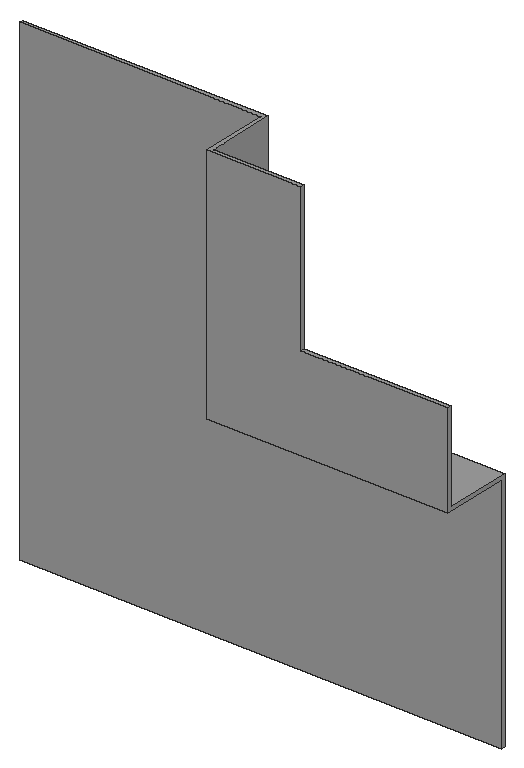
Revit family "Flashing_Preformed_Hyload_Type-W5", category Generic Models, Revit 2016
Family settings
  Part Type = Normal
  Can host rebar = No
  Round Connector Dimension = Use Diameter
  OmniClass Number = 23.20.30.24.11
  OmniClass Title = Embedded Flashing
  Work Plane-Based = No
  Always vertical = Yes
  Cut with Voids When Loaded = No
  Shared = No
  Room Calculation Point = No
Parameters (values of type "As Specified")
  Unit Width = 0' - 7 1/8"
  Unit Height = 0' - 4"
  Unit Depth = 0' - 6"
  URL = "http://www.hyload.com/"
  Thickness = 0' - 0 1/16"
  Specification = "http://www.arcat.com/sdspecs/htm04/07_65_00hyl.htm"
  Sales Information = "http://www.hyload.com/contact-us"
  Revision = "R1_12-2015"
  Product Properties = "http://www.hyload.com/masonry-flashing/preformed-shapes/"
  Product Data = "http://www.arcat.com/arcatcos/cos33/arc33176.html"
  Model = "Type W5"
  Manufacturer Website = "http://www.hyload.com/"
  Manufacturer Phone - Toll Free = "800-457-4056"
  Manufacturer Phone = "330-769-3546"
  Manufacturer Fax = "330-769-4153"
  Manufacturer Address = "5020 Panther Pkwy., Seville, OH 44273"
  Manufacturer = "Hyload"
  Keynote = "07 65 00"
  Flashing Material = Hyload Flashing Membrane - Grey
  Drawn By = "Robert S. Weygant / Sumex Design"
  Description = "Preformed Hyload Masonry Flashing - Type W5"
  Copyright = "(c) ARCAT, Inc, 2015"
  Construction Details = "http://www.arcat.com/details/hyload/hyload.html?coid=33176"
  Assembly Code = "B3010400"
Reference planes (in)
  plane 1 "Center (Front/Back)": y = 0
  plane 2: z = 0
  plane 3 "Center (Left/Right)": x = 0
  plane 4: x = 4
  plane 5: z = 4
  plane 6: y = -1.125
  plane 7: z = 8
Forms (in)
  Sweep 1, solid, material "Hyload Flashing Membrane - Grey" <- "Flashing Material"
    path origin (0, 0, 0) x (1, 0, 0) y (0, 0, 1)
      loop
        line (4, 4) -> (0, 4) -> (0, 8)
    profile origin (2, 0, 4) x (0, 0, -1) y (0, -1, 0)
      loop
        line (0, 0) -> (0, 1.125) -> (-1.5625, 1.125) -> (-1.5625, 1.0625) -> (-0.0625, 1.0625) -> (-0.0625, -0.0625) -> (4, -0.0625) -> (4, 0) -> (0, 0)
Dimensions and locks (in)
  "Unit Height": plane 5 to level
  plane 1 "Center (Front/Back)" to plane 6 = 0' - 1 1/8"
  plane 7 to level = 0' - 8"
  plane 4 to plane 3 "Center (Left/Right)" = 0' - 4"
  aligned and locked: plane 2 to level
  aligned and locked: plane 3 "Center (Left/Right)" to Sweep 1 sketch curve
  aligned and locked: plane 5 to Sweep 1 sketch curve  (x2)
  aligned and locked: Sweep 1 sketch curve to plane 6
  aligned and locked: Sweep 1 sketch curve to level
  aligned and locked: plane 7 to Sweep 1 sketch curve
Automatic sketch dimensions
  profile plane to Sweep 1 sketch curve = 0' - 1 9/16"
  profile plane to Sweep 1 sketch curve = 0' - 0 1/16"
  Sweep 1 sketch curve to Sweep 1 sketch curve = 0' - 0 1/16"  (x2)
  Sweep 1 sketch curve to plane 1 "Center (Front/Back)" = 0' - 0"
  Sweep 1 sketch curve to plane 4 = 0' - 0"
